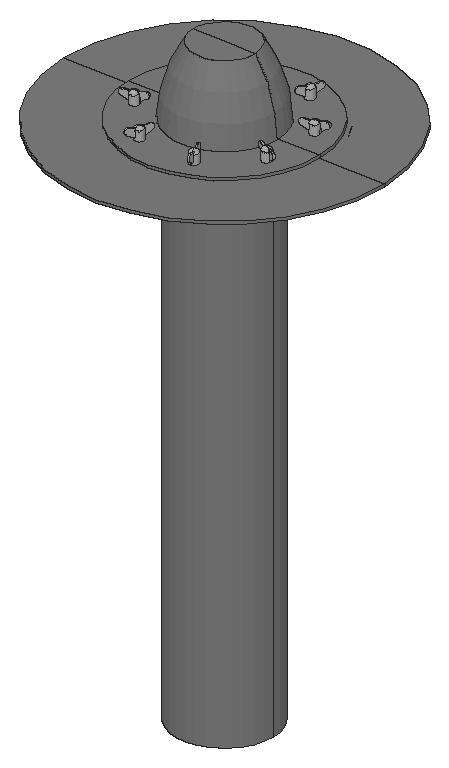
Revit family "ADSK_ВоронкаВодосточная_Электрообогрев_DN110", category Оборудование, Revit 2019
Family settings
  Размер круглого соединителя = Использовать радиус
  Тип детали = Нормальный
  На основе рабочей плоскости = Нет
  Всегда вертикально = Да
  При загрузке вырезать с полостями = Нет
  Общий = Нет
  Точка расчета площади = Нет
Parameters (values of type "С прижимным фланцем_Q=8_Lпат=600")
  Фланец_Радиус = Фланец_Диаметр / 2  # 107.0 mm
  Фланец_Крепления_Радиус = Листвоуловитель_Радиус_1 + ((Фланец_Радиус - Листвоуловитель_Радиус_1) / 2)  # 83.5 mm
  Фланец_Крепления_Количество = 8
  Фланец_Диаметр = Обод нагревателя_Диаметр + 30.0 mm  # 214.0 mm
  Фланец_Высота = 3.0 mm
  Фланец = yes
  Условный радиус = ADSK_Диаметр условный / 2  # 55 mm
  УГО_План_Отступ = 0.0 mm
  УГО_Засечка_Отступ = 50.0 mm
  УГО_Длина = 1000.0 mm
  УГО_Высота сверху = 150.0 mm
  Раструб_Чугун [instance] = no
  Раструб_ПП [instance] = no
  Раструб_Засечка_II [instance] = no
  Раструб_Засечка_I [instance] = no
  Поиск в таблице имен_2 = "Фитинги чугунные для систем внутренней канализации по ГОСТ 6942-98"
  Поиск в таблице имен_1 = "Фитинги ПП для систем внутренней канализации"
  Подключение к холодной воде = no
  Подключение к сливной трубе = yes
  Подключение к горячей воде = no
  Подключение к вентиляции = no
  Патрубок_Длина = 600.0 mm
  Обод нагревателя_Радиус = Обод нагревателя_Диаметр / 2  # 92.0 mm
  Обод нагревателя_Отступ = Наружный радиус + (Обод нагревателя_Радиус - Наружный радиус) / 2  # 73.5 mm
  Обод нагревателя_Диаметр = 184.0 mm
  Обод нагревателя_Высота = 40.0 mm
  Обод нагревателя = yes
  Наружный радиус = Наружный диаметр / 2  # 55 mm
  Наружный диаметр = if(ADSK_Диаметр условный = 50.0 mm, 50.0 mm, 110.0 mm)  # 110 mm
  Материал = Полимер
  Листвоуловитель_Радиус_2 = Листвоуловитель_Радиус_1 - 25.0 mm  # 35.0 mm
  Листвоуловитель_Радиус_1 = Листвоуловитель_Диаметр / 2  # 60.0 mm
  Листвоуловитель_Диаметр = 120.0 mm
  Листвоуловитель_Высота = 80.0 mm
  Листвоуловитель = yes
  Корпус_Радиус_2 = Корпус_Диаметр_2 / 2  # 112.0 mm
  Корпус_Радиус_1 = Корпус_Диаметр_1 / 2  # 180.0 mm
  Корпус_Отступ = 10.0 mm
  Корпус_Диаметр_2 = Фланец_Диаметр + 10.0 mm  # 224.0 mm
  Корпус_Диаметр_1 = 360.0 mm
  Корпус_Высота = 8.0 mm
  Раструб_Выступ_Диаметр [instance] = size_lookup(Поиск в таблице имен_1, "DV", Условный радиус * 2 * 1.78, ADSK_Диаметр условный)  # 195.8 mm
  Комментарии к типоразмеру = "ВВ"
  ADSK_Ток = ADSK_Номинальная мощность / (ADSK_Коэффициент мощности * ADSK_Напряжение * sqrt(ADSK_Количество фаз числовое))  # 0.104895 A
  ADSK_Расход канализационных стоков = 8.0 L/s
  ADSK_Полная мощность = ADSK_Номинальная мощность / ADSK_Коэффициент мощности  # 23.0769 VA
  ADSK_Номинальная мощность = 15 W
  ADSK_Напряжение = 220 V
  ADSK_Наименование краткое = ""
  ADSK_Наименование = "Кровельная воронка с увеличенным корпусом  Q=8 л/с с листвоуловителем, с прижимным фланцем из нержавеющей стали, вертикальным выходом DN110 высотой 600 мм, технологическими отверстиями и электрообогревом: U=220 В, N=15 Вт"
  ADSK_Масса_Текст = ""
  ADSK_Марка = ""
  ADSK_Коэффициент мощности = 0.65
  ADSK_Количество фаз числовое = 1
  ADSK_Количество фаз = 1
  ADSK_Количество = 1  # constant formula
  ADSK_Код изделия = ""
  ADSK_Завод-изготовитель = ""
  ADSK_Единица измерения = "к-т"
  ADSK_Диаметр условный = 110 mm
  ADSK_Версия семейства = "1.0"  # constant formula
  ADSK_Версия Revit = "v2019"  # constant formula
Types (6, lengths in mm): name | Патрубок_Длина | ADSK_Наименование
  С прижимным фланцем, битумной прокладкой_Q=8_Lпат=102 | 102.0 | "Кровельная воронка с увеличенным корпусом  Q=8 л/с с листвоуловителем, с прижимным фланцем из нержавеющей стали, вертикальным выходом DN110 высотой 102 мм, технологическими отверстиями, битумно-полимерной уплотнительной прокладкой и электрообогревом: U=220 В, N=15 Вт"
  С прижимным фланцем, полимерной прокладкой_Q=8_Lпат=600 | 600.0 | "Кровельная воронка с увеличенным корпусом  Q=8 л/с с листвоуловителем, с прижимным фланцем из нержавеющей стали, вертикальным выходом DN110 высотой 600 мм, технологическими отверстиями, полимерной уплотнительной прокладкой-ПВХ мембраной и электрообогревом: U=220 В, N=15 Вт"
  С прижимным фланцем, битумной прокладкой_Q=8_Lпат=600 | 600.0 | "Кровельная воронка с увеличенным корпусом  Q=8 л/с с листвоуловителем, с прижимным фланцем из нержавеющей стали, вертикальным выходом DN110 высотой 600 мм, технологическими отверстиями, битумно-полимерной уплотнительной прокладкой и электрообогревом: U=220 В, N=15 Вт"
  С прижимным фланцем_Q=8_Lпат=600 | 600.0 | "Кровельная воронка с увеличенным корпусом  Q=8 л/с с листвоуловителем, с прижимным фланцем из нержавеющей стали, вертикальным выходом DN110 высотой 600 мм, технологическими отверстиями и электрообогревом: U=220 В, N=15 Вт"
  С прижимным фланцем, полимерной прокладкой_Q=8_Lпат=102 | 102.0 | "Кровельная воронка с увеличенным корпусом  Q=8 л/с с листвоуловителем, с прижимным фланцем из нержавеющей стали, вертикальным выходом DN110 высотой 102 мм, технологическими отверстиями, полимерной уплотнительной прокладкой-ПВХ мембраной и электрообогревом: U=220 В, N=15 Вт"
  С прижимным фланцем_Q=8_Lпат=102 | 102.0 | "Кровельная воронка с увеличенным корпусом  Q=8 л/с с листвоуловителем, с прижимным фланцем из нержавеющей стали, вертикальным выходом DN110 высотой 102 мм, технологическими отверстиями и электрообогревом: U=220 В, N=15 Вт"
Reference planes
  plane 1 "По центру (Вперед/Назад)": y = 0
  plane 2: z = 0
  plane 3 "По центру (Влево/Вправо)": x = 0
  plane 4 "Низ патрубка": z = -600
  plane 5: z = -8
  plane 6 "Низ обода нагревателя": z = -40
  plane 7: x = -180
  plane 8: x = 180
  plane 9: y = 107
  plane 10: y = -107
  plane 11: x = 60
  plane 12: x = -60
  plane 13: x = -92
  plane 14: x = 92
  plane 15: z = 80
  plane 16 "Верх фланца": z = 3
  plane 17: z = -3
  plane 18: y = 180
  plane 19: y = -180
  plane 20 "УГО_Край_Слева": x = -500
  plane 21 "УГО_Край_Справа": x = 500
  plane 22 "Низ раструба": z = -615
Forms (mm)
  Revolve 1, solid, material "Полимер" <- "Материал", visible <- "Обод нагревателя", detail levels fine
    sketch origin (0, 0, 0) x (1, 0, 0) y (0, 0, 1)
      loop
        line (0, -40) -> (92, -40) -> (92, -8) -> (0, -8) -> (0, -40)
      axis (0, -8) -> (0, -40)
    angle from 0 to 360
  Revolve 2, solid, material "Полимер" <- "Материал", detail levels fine
    sketch origin (0, 0, 0) x (1, 0, 0) y (0, 0, 1)
      loop
        line (0, 0) -> (0, -600) -> (55, -600) -> (55, -30) -> (65, -30) -> (65, -8) -> (112, -8) -> (112, -3) -> (180, -3) -> (180, 0) -> (0, 0)
      axis (0, 0) -> (0, -600)
    angle from 0 to 360
  Revolve 3, solid, material "Полимер" <- "Материал", visible <- "Листвоуловитель", detail levels fine
    sketch origin (0, 0, 0) x (1, 0, 0) y (0, 0, 1)
      loop
        arc (60, 0) -> (53.109, 41.753) -> (35, 80) r 152.378
        line (35, 80) -> (0, 80) -> (0, 0) -> (60, 0)
      axis (0, 80) -> (0, 0)
    angle from 0 to 360
  Revolve 4, solid, material "Полимер" <- "Материал", visible <- "Фланец", detail levels fine
    sketch origin (0, 0, 0) x (1, 0, 0) y (0, 0, 1)
      loop
        line (60, 3) -> (60, 0) -> (107, 0) -> (107, 3) -> (60, 3)
      axis (0, 3) -> (0, 0)
    angle from 0 to 360
Lines and regions (mm)
  Split face 1
    outline origin (0, 0, -8) x (1, 0, 0) y (0, 1, 0)
      loop
        circle (0, 73.5) r 2.5
  reference lines
    curve 1: line (-500, 0, 0) -> (500, 0, 0)
Dimensions and locks
  "Патрубок_Длина": level to plane 4 "Низ патрубка"
  "Обод нагревателя_Высота": level to plane 6 "Низ обода нагревателя"
  equal spacing: plane 7, plane 3 "По центру (Влево/Вправо)", plane 8
  equal spacing: plane 9, plane 1 "По центру (Вперед/Назад)", plane 10
  "Корпус_Диаметр_1": plane 7 to plane 8
  "Фланец_Диаметр": plane 9 to plane 10
  equal spacing: plane 12, plane 3 "По центру (Влево/Вправо)", plane 11
  "Листвоуловитель_Диаметр": plane 12 to plane 11
  equal spacing: plane 13, plane 3 "По центру (Влево/Вправо)", plane 14
  "Обод нагревателя_Диаметр": plane 13 to plane 14
  "Листвоуловитель_Высота": plane 15 to level
  "Корпус_Высота": level to plane 5
  equal spacing: plane 16 "Верх фланца", level, plane 17
  "Фланец_Высота": plane 16 "Верх фланца" to level
  "Наружный радиус": Revolve 2 sketch curve to plane 3 "По центру (Влево/Вправо)"
  "Корпус_Отступ": Revolve 2 sketch curve to plane 6 "Низ обода нагревателя"
  "Корпус_Отступ": Revolve 2 sketch curve to Revolve 2 sketch curve
  "Корпус_Радиус_2": Revolve 2 sketch curve to plane 3 "По центру (Влево/Вправо)"
  "Листвоуловитель_Радиус_2": Revolve 3 sketch curve to plane 3 "По центру (Влево/Вправо)"
  "Фланец_Радиус": Revolve 4 sketch curve to plane 3 "По центру (Влево/Вправо)"
  equal spacing: plane 18, plane 1 "По центру (Вперед/Назад)", plane 19
  "Корпус_Диаметр_1": plane 18 to plane 19
  "Обод нагревателя_Отступ": plane 1 "По центру (Вперед/Назад)" to Split face 1 sketch curve
  equal spacing: plane 21 "УГО_Край_Справа", plane 3 "По центру (Влево/Вправо)", plane 20 "УГО_Край_Слева"
  "УГО_Длина": plane 21 "УГО_Край_Справа" to plane 20 "УГО_Край_Слева"
  locked: plane 4 "Низ патрубка" to plane 22 "Низ раструба" at 15
  "Фланец_Крепления_Радиус": radius of radial array
  aligned and locked: level to plane 2
  aligned and locked: Revolve 1 sketch curve to plane 6 "Низ обода нагревателя"
  aligned and locked: Revolve 1 sketch curve to plane 3 "По центру (Влево/Вправо)"  (x2)
  aligned and locked: plane 14 to Revolve 1 sketch curve
  aligned and locked: plane 5 to Revolve 1 sketch curve
  aligned and locked: Revolve 2 sketch curve to plane 3 "По центру (Влево/Вправо)"  (x2)
  aligned and locked: Revolve 2 sketch curve to plane 4 "Низ патрубка"
  aligned and locked: Revolve 2 sketch curve to plane 5
  aligned and locked: Revolve 2 sketch curve to plane 17
  aligned and locked: plane 8 to Revolve 2 sketch curve
  aligned and locked: level to Revolve 2 sketch curve
  aligned and locked: plane 11 to Revolve 3 sketch curve
  aligned and locked: level to Revolve 3 sketch curve
  aligned and locked: plane 3 "По центру (Влево/Вправо)" to Revolve 3 sketch curve
  aligned and locked: Revolve 3 sketch curve to plane 15
  aligned and locked: Revolve 3 sketch curve to plane 3 "По центру (Влево/Вправо)"
  aligned and locked: level to Revolve 4 sketch curve
  aligned and locked: Revolve 4 sketch curve to plane 16 "Верх фланца"
  aligned and locked: plane 11 to Revolve 4 sketch curve
  aligned and locked: Revolve 4 sketch curve to plane 3 "По центру (Влево/Вправо)"
  aligned and locked: plane 1 "По центру (Вперед/Назад)" to nested 1
  aligned and locked: plane 3 "По центру (Влево/Вправо)" to nested 1
  aligned and locked: plane 3 "По центру (Влево/Вправо)" to Split face 1 sketch curve
  aligned and locked: plane 20 "УГО_Край_Слева" to curve 1
  aligned and locked: plane 21 "УГО_Край_Справа" to curve 1
  aligned and locked: curve 1 to level
  aligned and locked: plane 1 "По центру (Вперед/Назад)" to nested 10
  aligned and locked: plane 3 "По центру (Влево/Вправо)" to nested 10
  aligned and locked: plane 1 "По центру (Вперед/Назад)" to nested 11
  aligned and locked: plane 3 "По центру (Влево/Вправо)" to nested 11
Automatic sketch dimensions
  Revolve 1 sketch curve to plane 4 "Низ патрубка" = 264.045 mm
  plane 15 to Revolve 1 sketch curve = 2134.315 mm
  Revolve 2 sketch curve to plane 22 "Низ раструба" = 249.045 mm
  plane 15 to Revolve 2 sketch curve = 2134.315 mm
  Revolve 3 sketch curve to plane 13 = 0.333 mm
  Revolve 3 sketch curve to plane 22 "Низ раструба" = 249.045 mm
  Revolve 3 sketch curve to Revolve 3 sketch curve = 2134.315 mm
  Revolve 4 sketch curve to plane 22 "Низ раструба" = 249.045 mm
  plane 15 to Revolve 4 sketch curve = 2134.315 mm
  radius of Split face 1 sketch curve = 2.5 mm
Nested families
  nested 1: "Соединение_Раструб_ПП" at (0, 0, -615), visible <- "Раструб_ПП", type "Полимерный материал"
    with Условный радиус 55 mm, Условный диаметр 110 mm, Раструб_Радиус 58.0 mm, Выступ_Радиус 97.9 mm, Наружный радиус 57.5 mm, Наружный диаметр 115.0 mm, Раструб_Длина 77.0 mm, Раструб_Диаметр 116.0 mm, Выступ_Диаметр 195.8 mm
  nested 2: "Воронка_Фланец_Крепление" at (-78.464, -28.559, 3) x (-0.9397, -0.342, 0) z (0, 0, 1), visible <- "Фланец", type "Металл"
  nested 3: "Воронка_Фланец_Крепление" at (-35.289, -75.677, 3) x (-0.4226, -0.9063, 0) z (0, 0, 1), visible <- "Фланец", type "Металл"
  nested 4: "Воронка_Фланец_Крепление" at (-75.677, 35.289, 3) x (-0.9063, 0.4226, 0) z (0, 0, 1), visible <- "Фланец", type "Металл"
  nested 5: "Воронка_Фланец_Крепление" at (-28.559, 78.464, 3) x (-0.342, 0.9397, 0) z (0, 0, 1), visible <- "Фланец", type "Металл"
  nested 6: "Воронка_Фланец_Крепление" at (35.289, 75.677, 3) x (0.4226, 0.9063, 0) z (0, 0, 1), visible <- "Фланец", type "Металл"
  nested 7: "Воронка_Фланец_Крепление" at (78.464, 28.559, 3) x (0.9397, 0.342, 0) z (0, 0, 1), visible <- "Фланец", type "Металл"
  nested 8: "Воронка_Фланец_Крепление" at (75.677, -35.289, 3) x (0.9063, -0.4226, 0) z (0, 0, 1), visible <- "Фланец", type "Металл"
  nested 9: "Воронка_Фланец_Крепление" at (28.559, -78.464, 3) x (0.342, -0.9397, 0) z (0, 0, 1), visible <- "Фланец", type "Металл"
  nested 10: "УГО воронки водосточной" at (0, 0, 0), type "Линии"
  nested 11: "Соединение_Раструб_Чугун" at (0, 0, -615), visible <- "Раструб_Чугун", type "Чугун"
    with Условный радиус 55 mm, Условный диаметр 110 mm, Катет_2 40.415 mm, Катет_1 20.207 mm, s 5.0 mm, b 75.0 mm, a 15.0 mm, R4 102.0 mm, R3 95.0 mm, OD 120.0 mm, D4 204.0 mm, D3 190.0 mm
Connectors
  piping at (0, 0, -600), diameter 110, driven by "Подключение к сливной трубе", driven by "Условный радиус", driven by "ADSK_Расход канализационных стоков"
    settings: on Revolve 2, index 1, connector inside diameter 100 mm, connector length 0.0 mm, flow factor 0, pipe flow 8.0 L/s, pressure drop 0.0 Pa, fitting loss kfactor 0, connector angle 0.00°, fixture units 0, engagement length 0.0 mm, angle of deflection 0.00°, flow configuration 1, flow direction 2, fitting loss method 0, system type 16, joint type 0, gender type 0, connector reference index -1, connector utility 1, adjustable connector no, is connector primary yes, connector description ""
  electrical at (0, 73.5, -8), driven by "ADSK_Количество фаз", driven by "ADSK_Напряжение", driven by "ADSK_Полная мощность", driven by "ADSK_Коэффициент мощности"
    settings: on Revolve 1, index 2, voltage 220 V, apparent load 23.0769 VA, apparent load phase1 0 VA, apparent load phase2 0 VA, apparent load phase3 0 VA, power factor 0.65, load classification "Двигатель", number of poles 1, system type 30, power factor state 0, is connector primary yes, connector utility no, sub classification motor no, connector description ""
Definition of nested family "Соединение_Раструб_ПП"
  Parameters (values of type "Полимерный материал")
    в = 10.0 mm
    Условный радиус = Условный диаметр / 2  # 50 mm
    Условный диаметр = 100 mm
    Угол_ВР = 90.00°
    Раструб_Радиус = Раструб_Диаметр / 2  # 55.5 mm
    Поиск в таблице имен = "Фитинги ПП для систем внутренней канализации"
    Выступ_Радиус = Выступ_Диаметр / 2  # 64.0 mm
    Подключение к холодной воде = no
    Подключение к сливной трубе = no
    Подключение к горячей воде = no
    Подключение к вентиляции = no
    Default Elevation = 0.0 mm
    Наружный радиус = Наружный диаметр / 2  # 55.0 mm
    Наружный диаметр = size_lookup(Поиск в таблице имен, "OD", Условный диаметр + 5.0 mm, Условный диаметр)  # 110.0 mm
    Засечка_II = no
    Засечка_I = no
    Раструб_Длина = size_lookup(Поиск в таблице имен, "LR", Условный диаметр * 0.7, Условный диаметр)  # 55.6 mm
    Раструб_Диаметр = Наружный диаметр + 1.0 mm  # 111.0 mm
    Выступ_Диаметр = size_lookup(Поиск в таблице имен, "DV", Условный радиус * 2 * 1.78, Условный диаметр)  # 128.0 mm
    c = if(Условный диаметр = 50.0 mm, 6.5 mm, 8.5 mm)  # 8.5 mm
  Reference planes
    plane 1 "По центру (Вперед/Назад)": y = 0
    plane 2: z = 0
    plane 3 "По центру (Влево/Вправо)": x = 0
    plane 4 "Уровень засечек": z = 55.6
  Forms (mm)
    Revolve 1, solid, detail levels fine
      sketch origin (0, 0, 0) x (1, 0, 0) y (0, 0, 1)
        loop
          line (0, 0) -> (0, 55.6) -> (-55.5, 55.6) -> (-55.5, 45.6) -> (-64, 45.6) -> (-64, 35.6) -> (-55.5, 35.6) -> (-55, 0) -> (0, 0)
        axis (0, 55.6) -> (0, 0)
      angle from 0 to 360
  Lines and regions (mm)
    model lines, visible <- "Засечка_I", detail levels coarse+medium
      curve 1: line (-64, 0, 55.6) -> (64, 0, 55.6)
    model lines, visible <- "Засечка_II", detail levels coarse+medium
      curve 2: line (0, 64, 55.6) -> (0, -64, 55.6)
    reference lines
      curve 3: line (0, 0, 55.6) -> (0, 0, 0)
  Dimensions and locks
    "Раструб_Длина": plane 4 "Уровень засечек" to level
    "Наружный радиус": Revolve 1 sketch curve to Revolve 1 sketch curve
    "Раструб_Радиус": Revolve 1 sketch curve to Revolve 1 sketch curve
    "в": Revolve 1 sketch curve to Revolve 1 sketch curve  (x2)
    "c": Revolve 1 sketch curve to Revolve 1 sketch curve  (x2)
    equal spacing: curve 1, plane 3 "По центру (Влево/Вправо)", curve 1
    "Выступ_Диаметр": curve 1 to curve 1
    equal spacing: curve 2, plane 1 "По центру (Вперед/Назад)", curve 2
    "Выступ_Диаметр": curve 2 to curve 2
    "Угол_ВР": angle Revolve 1 sketch curve to plane 4 "Уровень засечек"
    "Угол_ВР": angle Revolve 1 sketch curve to Revolve 1 sketch curve  (x3)
    aligned and locked: level to plane 2
    aligned and locked: plane 3 "По центру (Влево/Вправо)" to Revolve 1 sketch curve
    aligned and locked: level to Revolve 1 sketch curve
    aligned and locked: plane 4 "Уровень засечек" to Revolve 1 sketch curve
    aligned and locked: Revolve 1 sketch curve to plane 3 "По центру (Влево/Вправо)"
    aligned and locked: plane 1 "По центру (Вперед/Назад)" to curve 1
    aligned and locked: curve 2 to plane 3 "По центру (Влево/Вправо)"
    aligned and locked: plane 4 "Уровень засечек" to curve 3
    aligned and locked: level to curve 3
    aligned and locked: curve 3 to plane 3 "По центру (Влево/Вправо)"
  Automatic sketch dimensions
    Revolve 1 sketch curve to level = 366.045 mm
    Revolve 1 sketch curve to Revolve 1 sketch curve = 2158.715 mm
Definition of nested family "Воронка_Фланец_Крепление"
  Parameters
    Подключение к холодной воде = no
    Подключение к сливной трубе = no
    Подключение к горячей воде = no
    Подключение к вентиляции = no
    Default Elevation = 0.0 mm
  Reference planes
    plane 1 "По центру (Вперед/Назад)": y = 0
    plane 2: z = 0
    plane 3 "По центру (Влево/Вправо)": x = 0
  Forms (mm)
    Revolve 1, solid, detail levels fine
      sketch origin (0, 0, 0) x (1, 0, 0) y (0, 0, 1)
        loop
          line (0, 0) -> (5, 0) -> (5, 10)
          arc (5, 10) -> (3.014, 12.334) -> (0, 12.887) r 4.564
          line (0, 12.887) -> (0, 0)
        axis (0, 12.887) -> (0, 0)
      angle from 0 to 360
    Extrusion 2, solid, detail levels fine
      sketch origin (0, 0, -0.625) x (1, 0, 0) y (0, 0, 1)
        loop
          line (3.149, 1.977) -> (12.271, 7.033)
          arc (12.271, 7.033) -> (13.972, 11.603) -> (9.452, 13.433) r 3.498
          line (9.452, 13.433) -> (0, 12.259) -> (-9.452, 13.433)
          arc (-9.452, 13.433) -> (-13.972, 11.603) -> (-12.271, 7.033) r 3.498
          line (-12.271, 7.033) -> (-3.149, 1.977) -> (0, 1.977) -> (3.149, 1.977)
      from -0.803 to 0.803
  Cuts and joins
    joined: Revolve 1, Extrusion 2
  Dimensions and locks
    equal spacing: Extrusion 2, plane 1 "По центру (Вперед/Назад)", Extrusion 2
    Extrusion 2 to Extrusion 2 = 1.606 mm
    aligned and locked: level to plane 2
  Automatic sketch dimensions
    Revolve 1 sketch curve to level = 0.0 mm
    Revolve 1 sketch curve to plane 3 "По центру (Влево/Вправо)" = 0.0 mm  (x2)
    plane 3 "По центру (Влево/Вправо)" to Revolve 1 sketch curve = 0.733 mm
    plane 3 "По центру (Влево/Вправо)" to Revolve 1 sketch curve = 5.0 mm
    Revolve 1 sketch curve to level = 366.045 mm
    level to Revolve 1 sketch curve = 8.382 mm
    Revolve 1 sketch curve to Revolve 1 sketch curve = 1.618 mm
    Revolve 1 sketch curve to Revolve 1 sketch curve = 2201.428 mm
    Extrusion 2 sketch curve to plane 3 "По центру (Влево/Вправо)" = 0.0 mm  (x2)
    level to Extrusion 2 sketch curve = 1.352 mm
    Extrusion 2 sketch curve to plane 3 "По центру (Влево/Вправо)" = 3.149 mm
    Extrusion 2 sketch curve to plane 3 "По центру (Влево/Вправо)" = 9.452 mm
    Extrusion 2 sketch curve to Extrusion 2 sketch curve = 1.319 mm  (x2)
    level to Extrusion 2 sketch curve = 6.408 mm  (x2)
    Extrusion 2 sketch curve to Extrusion 2 sketch curve = 1.5 mm  (x2)
    plane 3 "По центру (Влево/Вправо)" to Extrusion 2 sketch curve = 3.149 mm
    plane 3 "По центру (Влево/Вправо)" to Extrusion 2 sketch curve = 9.452 mm
    Extrusion 2 sketch curve to Extrusion 2 sketch curve = 3.16 mm  (x2)
    Extrusion 2 sketch curve to Extrusion 2 sketch curve = 1.175 mm
Definition of nested family "Соединение_Раструб_Чугун"
  Parameters (values of type "Чугун")
    Условный радиус = Условный диаметр / 2  # 50 mm
    Условный диаметр = 100 mm
    Угол сопряжения = 30.00°  # constant formula
    Поиск в таблице имен = "Фитинги чугунные для систем внутренней канализации по ГОСТ 6942-98"
    Подключение к холодной воде = no
    Подключение к сливной трубе = no
    Подключение к горячей воде = no
    Подключение к вентиляции = no
    Default Elevation = 0.0 mm
    Type Comments = "Имена линейных параметров и их значений согласно ГОСТ 6942-98"
    Катет_2 = ((D3 - OD) / 2) / (cos(Угол сопряжения))  # 15.588 mm
    Катет_1 = ((D3 - OD) / 2) * tan(Угол сопряжения)  # 7.794 mm
    Засечка_II = no
    Засечка_I = no
    s = if(Условный диаметр = 50.0 mm, 4.0 mm, if(Условный диаметр = 100.0 mm, 4.5 mm, 5.0 mm))  # 4.5 mm
    b = if(Условный диаметр = 50.0 mm, 60.0 mm, if(Условный диаметр = 100.0 mm, 70.0 mm, 75.0 mm))  # 70.0 mm
    a = if(Условный диаметр = 50.0 mm, 13.0 mm, if(Условный диаметр = 100.0 mm, 14.0 mm, 15.0 mm))  # 14.0 mm
    R4 = D4 / 2  # 74.5 mm
    R3 = D3 / 2  # 68.0 mm
    OD = Условный диаметр + s * 2  # 109.0 mm
    D4 = if(Условный диаметр = 50.0 mm, 94.0 mm, if(Условный диаметр = 100.0 mm, 149.0 mm, 204.0 mm))  # 149.0 mm
    D3 = if(Условный диаметр = 50.0 mm, 84.0 mm, if(Условный диаметр = 100.0 mm, 136.0 mm, 190.0 mm))  # 136.0 mm
  Reference planes
    plane 1 "По центру (Вперед/Назад)": y = 0
    plane 2: z = 0
    plane 3 "По центру (Влево/Вправо)": x = 0
    plane 4 "Уровень засечек": z = 70
  Forms (mm)
    Revolve 1, solid, detail levels fine
      sketch origin (0, 0, 0) x (1, 0, 0) y (0, 0, 1)
        loop
          line (0, -7.794) -> (0, 70) -> (-74.5, 70) -> (-74.5, 56) -> (-68, 56) -> (-68, 0) -> (-54.5, -7.794) -> (0, -7.794)
        axis (0, 70) -> (0, -7.794)
      angle from 0 to 360
  Lines and regions (mm)
    model lines, visible <- "Засечка_I", detail levels coarse+medium
      curve 1: line (-74.5, 0, 70) -> (74.5, 0, 70)
    model lines, visible <- "Засечка_II", detail levels coarse+medium
      curve 2: line (0, 74.5, 70) -> (0, -74.5, 70)
    reference lines
      curve 3: line (0, 0, 70) -> (0, 0, 0)
  Dimensions and locks
    "b": plane 4 "Уровень засечек" to level
    equal spacing: curve 1, plane 3 "По центру (Влево/Вправо)", curve 1
    "D4": curve 1 to curve 1
    equal spacing: curve 2, plane 1 "По центру (Вперед/Назад)", curve 2
    "D4": curve 2 to curve 2
    "R4": Revolve 1 sketch curve to Revolve 1 sketch curve
    "a": plane 4 "Уровень засечек" to Revolve 1 sketch curve
    "R3": Revolve 1 sketch curve to plane 3 "По центру (Влево/Вправо)"
    "Катет_2": Revolve 1 sketch curve to Revolve 1 sketch curve
    "Катет_1": level to Revolve 1 sketch curve
    "Угол сопряжения": angle Revolve 1 sketch curve to level
    aligned and locked: level to plane 2
    aligned and locked: plane 3 "По центру (Влево/Вправо)" to Revolve 1 sketch curve
    aligned and locked: plane 4 "Уровень засечек" to Revolve 1 sketch curve
    aligned and locked: plane 1 "По центру (Вперед/Назад)" to curve 1
    aligned and locked: curve 2 to plane 3 "По центру (Влево/Вправо)"
    aligned and locked: plane 4 "Уровень засечек" to curve 3
    aligned and locked: level to curve 3
    aligned and locked: curve 3 to plane 3 "По центру (Влево/Вправо)"
    aligned and locked: Revolve 1 sketch curve to Revolve 1 sketch curve
    aligned and locked: Revolve 1 sketch curve to plane 3 "По центру (Влево/Вправо)"
  Automatic sketch dimensions
    Revolve 1 sketch curve to Revolve 1 sketch curve = 358.539 mm
    Revolve 1 sketch curve to Revolve 1 sketch curve = 2168.015 mm
Definition of nested family "УГО воронки водосточной"
  Parameters
    УГО_Радиус снизу = (УГО_Высота снизу ^ 2 + УГО_Засечка_Длина_Половина ^ 2) / (2 * УГО_Высота снизу)  # 483.333 mm
    УГО_Радиус сверху = (УГО_Высота сверху ^ 2 + УГО_Засечка_Длина_Половина ^ 2) / (2 * УГО_Высота сверху)  # 483.333 mm
    УГО_План_Отступ = 0.0 mm
    УГО_Засечка_Отступ = 50.0 mm
    УГО_Засечка_Длина_Половина = УГО_Засечка_Длина / 2  # 350.0 mm
    УГО_Засечка_Длина = УГО_Длина * 0.7  # 700.0 mm
    УГО_Длина = 1000.0 mm
    УГО_Высота снизу = if(Патрубок_Длина < 110.0 mm, Патрубок_Длина - УГО_Засечка_Отступ / 2, if(Патрубок_Длина > УГО_Высота сверху, УГО_Высота сверху, Патрубок_Длина - 50.0 mm))  # 150.0 mm
    УГО_Высота сверху = 150.0 mm
    УГО_Выпуск_Длина = if(Патрубок_Длина < 110.0 mm, 1.0 mm, Патрубок_Длина - УГО_Высота снизу - УГО_Засечка_Отступ / 2)  # 425.0 mm
    УГО_Выпуск = УГО_Выпуск_Длина > 1.0 mm  # yes
    Подключение к холодной воде = no
    Подключение к сливной трубе = no
    Подключение к горячей воде = no
    Подключение к вентиляции = no
    Патрубок_Длина = 600.0 mm
    Корпус_Радиус = Корпус_Диаметр / 2  # 180.0 mm
    Корпус_Диаметр = 360.0 mm
  Reference planes
    plane 1 "По центру (Вперед/Назад)": y = 0
    plane 2: z = 0
    plane 3 "По центру (Влево/Вправо)": x = 0
    plane 4 "Низ патрубка": z = -600
    plane 5 "Уровень УГО на плане": z = 0
    plane 6 "УГО_Край_Слева": x = -500
    plane 7 "УГО_Край_Справа": x = 500
    plane 8: x = -350
    plane 9: x = 350
    plane 10 "УГО_Край_Сверху": z = 175
    plane 11 "УГО_Край_Снизу": z = -175
    plane 12: z = 25
    plane 13: z = -25
  Lines and regions (mm)
    symbolic lines, detail levels coarse+medium
      curve 1: circle (0, 0, 0) r 180 normal (0, 0, 1)
    model lines, detail levels coarse+medium
      curve 2: line (-500, 0, 25) -> (-350, 0, 25)
      curve 3: line (-500, 0, -25) -> (-350, 0, -25)
      curve 4: line (350, 0, 25) -> (500, 0, 25)
      curve 5: line (350, 0, -25) -> (500, 0, -25)
      curve 6: arc (-350, 0, 25) -> (0, 0, 175) -> (350, 0, 25) r 483.333
      curve 7: arc (-350, 0, -25) -> (0, 0, -175) -> (350, 0, -25) r 483.333
    model lines, visible <- "УГО_Выпуск", detail levels coarse+medium
      curve 8: line (0, 0, -175) -> (0, 0, -600)
  Dimensions and locks
    "Патрубок_Длина": level to plane 4 "Низ патрубка"
    "УГО_План_Отступ": plane 5 "Уровень УГО на плане" to level
    equal spacing: plane 7 "УГО_Край_Справа", plane 3 "По центру (Влево/Вправо)", plane 6 "УГО_Край_Слева"
    "УГО_Длина": plane 7 "УГО_Край_Справа" to plane 6 "УГО_Край_Слева"
    equal spacing: plane 9, plane 3 "По центру (Влево/Вправо)", plane 8
    "УГО_Засечка_Длина": plane 9 to plane 8
    equal spacing: plane 12, level, plane 13
    "УГО_Засечка_Отступ": plane 12 to plane 13
    "УГО_Высота сверху": plane 10 "УГО_Край_Сверху" to plane 12
    "УГО_Высота снизу": plane 13 to plane 11 "УГО_Край_Снизу"
    "УГО_Выпуск_Длина": plane 11 "УГО_Край_Снизу" to curve 8
    "Корпус_Радиус": radius of curve 1
    "УГО_Радиус сверху": radius of curve 6
    "УГО_Радиус снизу": radius of curve 7
    aligned and locked: level to plane 2
    aligned and locked: plane 1 "По центру (Вперед/Назад)" to curve 1
    aligned and locked: plane 3 "По центру (Влево/Вправо)" to curve 1
    aligned and locked: curve 4 to plane 12
    aligned and locked: plane 7 "УГО_Край_Справа" to curve 4
    aligned and locked: plane 7 "УГО_Край_Справа" to curve 5
    aligned and locked: plane 9 to curve 4
    aligned and locked: plane 9 to curve 5
    aligned and locked: plane 6 "УГО_Край_Слева" to curve 2
    aligned and locked: plane 6 "УГО_Край_Слева" to curve 3
    aligned and locked: plane 8 to curve 2
    aligned and locked: plane 8 to curve 3
    aligned and locked: curve 2 to plane 12
    aligned and locked: curve 3 to plane 13
    aligned and locked: plane 3 "По центру (Влево/Вправо)" to curve 7
    aligned and locked: plane 3 "По центру (Влево/Вправо)" to curve 6
    aligned and locked: curve 8 to plane 3 "По центру (Влево/Вправо)"
    aligned and locked: plane 11 "УГО_Край_Снизу" to curve 8
